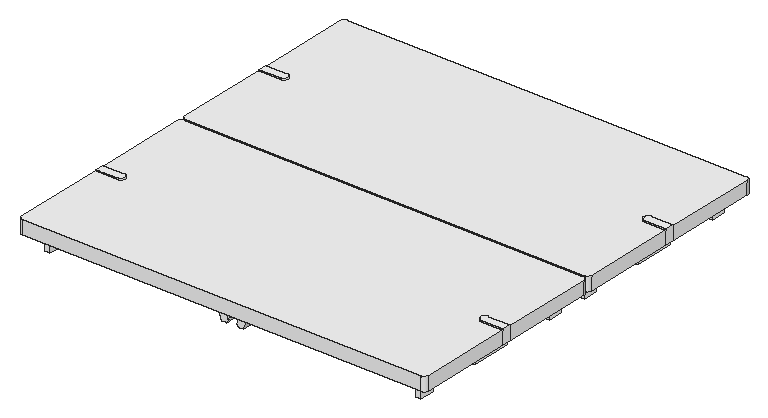
Revit family "Gira_5022126", category Electrical Fixtures, host Face, Revit 2017
Family settings
  Host = Face
  Maintain Annotation Orientation = No
  Round Connector Dimension = Use Diameter
  Part Type = Normal
  Cut with Voids When Loaded = No
  Shared = No
  Room Calculation Point = No
Parameters (values of type "rocker set 2-g PB sens.4 TS4 black alum.")
  URL = "https://www.gira.de/"
  Type Comments = ""
  Transparent = no
  Radio frequent bidirectional = no
  Model = ""
  Material quality = "Aluminium"
  Material = "Metal"
  Manufacturer = "Gira"
  Keynote = ""
  HeinzeBIM = "https://www.heinze.de/bim/rocker-set-2-g-pb-sens-4-ts4-black-alum-/2f99a2c1af6ff56843ac4174688dec83021ec271"
  HAN = "5022126"
  GTIN = "4010337072188"
  Description = ""
  Default Elevation = 1219.2 mm
  Cost = 0
  Colour = "Black"
  BIMSITE_PRODUCT_ID = "2f99a2c1af6ff56843ac4174688dec83021ec271"
  BIM = "https://media.live.bim.site/t/eyJhbGciOiJIUzI1NiIsInR5cCI6IkpXVCJ9.eyJjdCI6MSwidGYiOiJwdWJsaWMvZ2lyYS8wOWY1ZGI1LzQwXzUwMjEwMCBUUzQgV2lwcGVuc2V0IDJmYWNoLnJmYSIsImNpZCI6ImZlZDk4ZTlhLTFiZDgtNGM2OC1hNzNiLTc0YTk0ZTMxNTgyMyIsInJpZCI6IjYzZWFiY2I1YjI4NzQwNGZjOWZjYmExNmFmOWRhYTFmIiwicGlkIjoiMmY5OWEyYzFhZjZmZjU2ODQzYWM0MTc0Njg4ZGVjODMwMjFlYzI3MSIsInNpZCI6IjYzNDcwIiwidXQiOjUsImxjIjoiZW4iLCJpYXQiOjE2MDc0MzkxMDAsImlzcyI6Imh0dHBzOi8vYXBpLmxpdmUuYmltLnNpdGUiLCJzdWIiOiI4ZDNhYTVjYi1lMDY2LTQ1OTgtYmUxNi02ZTE2ZWU3NDk1NmEifQ.08KHaS0hvS0p8qqU8j6gztw1sJTKrmVmE4Bj7hIrJDg/40_502100 TS4 Wippenset 2fach.rfa"
  Assembly Code = ""
Reference planes
  plane 1 "Center (Front/Back)": y = 0
  plane 2: z = 0
  plane 3 "Center (Left/Right)": x = 0
Dimensions and locks
  aligned and locked: plane 2 to host face
  aligned and locked: level to host face
Nested families
  nested 1: "40_502100 TS4 Wippenset 2fach" at (0, 0, 0), type "40_502100 TS4 Wippenset 2fach"
Definition of nested family "40_502100 TS4 Wippenset 2fach"
  Parameters
    White = none
  Reference planes
    plane 1 "Center (Front/Back)": y = 0
    plane 2: z = 0
    plane 3 "Center (Left/Right)": x = 0
  Forms (mm)
    Extrusion 1, solid, material <- "White", detail levels fine
      sketch origin (0, 0, 0) x (1, 0, 0) y (0, 1, 0)
        loop
          arc (-46.5, 47.5) -> (-47.207, 47.207) -> (-47.5, 46.5) r 1
          line (-47.5, 46.5) -> (-47.5, 24.8) -> (-42.5, 24.8)
          arc (-42.5, 24.8) -> (-41.5, 23.8) -> (-42.5, 22.8) r 1
          line (-42.5, 22.8) -> (-47.5, 22.8) -> (-47.5, 1.15)
          arc (-47.5, 1.15) -> (-47.207, 0.443) -> (-46.5, 0.15) r 1
          line (-46.5, 0.15) -> (46.5, 0.15)
          arc (46.5, 0.15) -> (47.207, 0.443) -> (47.5, 1.15) r 1
          line (47.5, 1.15) -> (47.5, 22.8) -> (42.5, 22.8)
          arc (42.5, 22.8) -> (41.5, 23.8) -> (42.5, 24.8) r 1
          line (42.5, 24.8) -> (47.5, 24.8) -> (47.5, 46.5)
          arc (47.5, 46.5) -> (47.207, 47.207) -> (46.5, 47.5) r 1
          line (46.5, 47.5) -> (-46.5, 47.5)
        loop
          arc (46.5, -47.5) -> (47.207, -47.207) -> (47.5, -46.5) r 1
          line (47.5, -46.5) -> (47.5, -24.8) -> (42.5, -24.8)
          arc (42.5, -24.8) -> (41.5, -23.8) -> (42.5, -22.8) r 1
          line (42.5, -22.8) -> (47.5, -22.8) -> (47.5, -1.15)
          arc (47.5, -1.15) -> (47.207, -0.443) -> (46.5, -0.15) r 1
          line (46.5, -0.15) -> (-46.5, -0.15)
          arc (-46.5, -0.15) -> (-47.207, -0.443) -> (-47.5, -1.15) r 1
          line (-47.5, -1.15) -> (-47.5, -22.8) -> (-42.5, -22.8)
          arc (-42.5, -22.8) -> (-41.5, -23.8) -> (-42.5, -24.8) r 1
          line (-42.5, -24.8) -> (-47.5, -24.8) -> (-47.5, -46.5)
          arc (-47.5, -46.5) -> (-47.207, -47.207) -> (-46.5, -47.5) r 1
          line (-46.5, -47.5) -> (46.5, -47.5)
      from 0 to 3.1
    Extrusion 2, solid, material <- "White", detail levels fine
      sketch origin (0, 0, 0) x (1, 0, 0) y (0, 1, 0)
        loop
          line (43.976, 44.188) -> (-43.976, 44.188) -> (-43.976, 0.15) -> (43.976, 0.15) -> (43.976, 44.188)
        loop
          line (43.976, -44.188) -> (43.976, -0.15) -> (-43.976, -0.15) -> (-43.976, -44.188) -> (43.976, -44.188)
      from 0 to -1.5
    Extrusion 3, solid, detail levels fine
      sketch origin (0, 0, 0) x (1, 0, 0) y (0, 0, 1)
        loop
          arc (-1.639, -4) -> (-1.115, -3.694) -> (-1.122, -3.087) r 0.603
          arc (-1.122, -3.087) -> (-0.011, -1.666) -> (1.122, -3.087) r 1.145
          arc (1.122, -3.087) -> (1.115, -3.694) -> (1.639, -4) r 0.603
          line (1.639, -4) -> (2.5, -4) -> (3.5, -1.5) -> (-3.5, -1.5) -> (-2.5, -4) -> (-1.639, -4)
      from 41.985 to 44.199
    Extrusion 4, solid, detail levels fine
      sketch origin (0, 0, 0) x (1, 0, 0) y (0, 0, -1)
        loop
          line (-1.639, 4) -> (-2.5, 4) -> (-3.5, 1.5) -> (3.5, 1.5) -> (2.5, 4) -> (1.639, 4)
          arc (1.639, 4) -> (1.115, 3.694) -> (1.122, 3.087) r 0.603
          arc (1.122, 3.087) -> (-0.011, 1.666) -> (-1.122, 3.087) r 1.145
          arc (-1.122, 3.087) -> (-1.115, 3.694) -> (-1.639, 4) r 0.603
      from 41.985 to 44.199
    Extrusion 5, solid, material <- "White", detail levels medium
      sketch origin (0, 0, 0) x (1, 0, 0) y (0, 1, 0)
        loop
          line (43.976, 44.188) -> (-43.976, 44.188) -> (-43.976, 0.15) -> (43.976, 0.15) -> (43.976, 44.188)
        loop
          line (43.976, -44.188) -> (43.976, -0.15) -> (-43.976, -0.15) -> (-43.976, -44.188) -> (43.976, -44.188)
      from 0 to -4
    Extrusion 6, solid, material <- "White", detail levels medium
      sketch origin (0, 0, 0) x (1, 0, 0) y (0, 1, 0)
        loop
          line (-47.5, 47.5) -> (-47.5, 0.15) -> (47.5, 0.15) -> (47.5, 47.5) -> (-47.5, 47.5)
        loop
          line (47.5, -47.5) -> (47.5, -0.15) -> (-47.5, -0.15) -> (-47.5, -47.5) -> (47.5, -47.5)
      from 0 to 3.3
    Extrusion 7, solid, material <- "White", detail levels fine
      sketch origin (0, 0, 0) x (1, 0, 0) y (0, 1, 0)
        loop
          line (-43.976, 44.188) -> (-43.976, 40.908) -> (-42.655, 40.908) -> (-42.655, 44.188) -> (-43.976, 44.188)
        loop
          line (43.976, 44.188) -> (42.655, 44.188) -> (42.655, 40.908) -> (43.976, 40.908) -> (43.976, 44.188)
        loop
          line (-43.976, -44.188) -> (-42.655, -44.188) -> (-42.655, -40.908) -> (-43.976, -40.908) -> (-43.976, -44.188)
        loop
          line (43.976, -44.188) -> (43.976, -40.908) -> (42.655, -40.908) -> (42.655, -44.188) -> (43.976, -44.188)
      from 0 to -4
    Extrusion 8, solid, detail levels fine
      sketch origin (0, 0, 0) x (1, 0, 0) y (0, 1, 0)
        loop
          line (-47.5, 24.8) -> (-47.5, 22.8) -> (-42.5, 22.8)
          arc (-42.5, 22.8) -> (-41.5, 23.8) -> (-42.5, 24.8) r 1
          line (-42.5, 24.8) -> (-47.5, 24.8)
        loop
          line (47.5, 24.8) -> (42.5, 24.8)
          arc (42.5, 24.8) -> (41.5, 23.8) -> (42.5, 22.8) r 1
          line (42.5, 22.8) -> (47.5, 22.8) -> (47.5, 24.8)
        loop
          line (-47.5, -24.8) -> (-42.5, -24.8)
          arc (-42.5, -24.8) -> (-41.5, -23.8) -> (-42.5, -22.8) r 1
          line (-42.5, -22.8) -> (-47.5, -22.8) -> (-47.5, -24.8)
        loop
          line (47.5, -24.8) -> (47.5, -22.8) -> (42.5, -22.8)
          arc (42.5, -22.8) -> (41.5, -23.8) -> (42.5, -24.8) r 1
          line (42.5, -24.8) -> (47.5, -24.8)
      from 0 to 3.3
    Extrusion 9, solid, detail levels coarse
      sketch origin (0, 0, 0) x (1, 0, 0) y (0, 1, 0)
        loop
          line (-47.5, 47.5) -> (-47.5, -47.5) -> (47.5, -47.5) -> (47.5, 47.5) -> (-47.5, 47.5)
      from -4 to 3.3
    Extrusion 10, solid, material <- "White", detail levels fine
      sketch origin (0, 23.8, 0) x (1, 0, 0) y (0, 1, 0)
        loop
          line (-41.852, 6.181) -> (-43.976, 4.461) -> (-43.976, -4.461) -> (-41.852, -6.181)
          arc (-41.852, -6.181) -> (-38.884, -6.014) -> (-38.763, -3.043) r 2.212
          line (-38.763, -3.043) -> (-38.763, 3.043)
          arc (-38.763, 3.043) -> (-38.884, 6.014) -> (-41.852, 6.181) r 2.212
        loop
          arc (-39.415, 3.847) -> (-39.669, 5.38) -> (-41.223, 5.404) r 1.212
          line (-41.223, 5.404) -> (-42.938, 4.015) -> (-40.57, 1.883) -> (-39.415, 3.847)
        loop
          line (-39.415, -3.847) -> (-40.57, -1.883) -> (-42.938, -4.015) -> (-41.223, -5.404)
          arc (-41.223, -5.404) -> (-39.669, -5.38) -> (-39.415, -3.847) r 1.212
        loop
          arc (41.852, 6.181) -> (38.884, 6.014) -> (38.763, 3.043) r 2.212
          line (38.763, 3.043) -> (38.763, -3.043)
          arc (38.763, -3.043) -> (38.884, -6.014) -> (41.852, -6.181) r 2.212
          line (41.852, -6.181) -> (43.976, -4.461) -> (43.976, 4.461) -> (41.852, 6.181)
        loop
          line (39.415, 3.847) -> (40.57, 1.883) -> (42.938, 4.015) -> (41.223, 5.404)
          arc (41.223, 5.404) -> (39.669, 5.38) -> (39.415, 3.847) r 1.212
        loop
          arc (39.415, -3.847) -> (39.669, -5.38) -> (41.223, -5.404) r 1.212
          line (41.223, -5.404) -> (42.938, -4.015) -> (40.57, -1.883) -> (39.415, -3.847)
      from 0 to -3.6
    Extrusion 11, solid, detail levels fine
      sketch origin (0, -22.503, 0) x (1, 0, 0) y (0, 0, -1)
        loop
          line (-1.639, 4) -> (-2.5, 4) -> (-3.5, 1.5) -> (3.5, 1.5) -> (2.5, 4) -> (1.639, 4)
          arc (1.639, 4) -> (1.115, 3.694) -> (1.122, 3.087) r 0.603
          arc (1.122, 3.087) -> (-0.011, 1.666) -> (-1.122, 3.087) r 1.145
          arc (-1.122, 3.087) -> (-1.115, 3.694) -> (-1.639, 4) r 0.603
      from 28.117 to 25.903
    Extrusion 12, solid, material <- "White", detail levels fine
      sketch origin (0, -25, 0) x (1, 0, 0) y (0, 1, 0)
        loop
          line (-43.976, 21.601) -> (-43.976, 18.309) -> (-42.655, 18.309) -> (-42.655, 21.601) -> (-43.976, 21.601)
        loop
          line (43.976, 21.601) -> (42.655, 21.601) -> (42.655, 18.309) -> (43.976, 18.309) -> (43.976, 21.601)
        loop
          line (-43.976, -19.188) -> (-42.655, -19.188) -> (-42.655, -15.908) -> (-43.976, -15.908) -> (-43.976, -19.188)
        loop
          line (43.976, -19.188) -> (43.976, -15.908) -> (42.655, -15.908) -> (42.655, -19.188) -> (43.976, -19.188)
      from 0 to -4
    Extrusion 13, solid, material <- "White", detail levels fine
      sketch origin (0, -23.8, 0) x (1, 0, 0) y (0, 1, 0)
        loop
          arc (-41.852, -6.181) -> (-38.884, -6.014) -> (-38.763, -3.043) r 2.212
          line (-38.763, -3.043) -> (-38.763, 3.043)
          arc (-38.763, 3.043) -> (-38.884, 6.014) -> (-41.852, 6.181) r 2.212
          line (-41.852, 6.181) -> (-43.976, 4.461) -> (-43.976, -4.461) -> (-41.852, -6.181)
        loop
          line (-39.415, -3.847) -> (-40.57, -1.883) -> (-42.938, -4.015) -> (-41.223, -5.404)
          arc (-41.223, -5.404) -> (-39.669, -5.38) -> (-39.415, -3.847) r 1.212
        loop
          arc (-39.415, 3.847) -> (-39.669, 5.38) -> (-41.223, 5.404) r 1.212
          line (-41.223, 5.404) -> (-42.938, 4.015) -> (-40.57, 1.883) -> (-39.415, 3.847)
        loop
          line (41.852, -6.181) -> (43.976, -4.461) -> (43.976, 4.461) -> (41.852, 6.181)
          arc (41.852, 6.181) -> (38.884, 6.014) -> (38.763, 3.043) r 2.212
          line (38.763, 3.043) -> (38.763, -3.043)
          arc (38.763, -3.043) -> (38.884, -6.014) -> (41.852, -6.181) r 2.212
        loop
          arc (39.415, -3.847) -> (39.669, -5.38) -> (41.223, -5.404) r 1.212
          line (41.223, -5.404) -> (42.938, -4.015) -> (40.57, -1.883) -> (39.415, -3.847)
        loop
          line (39.415, 3.847) -> (40.57, 1.883) -> (42.938, 4.015) -> (41.223, 5.404)
          arc (41.223, 5.404) -> (39.669, 5.38) -> (39.415, 3.847) r 1.212
      from 0 to -3.6
    Extrusion 14, solid, detail levels fine
      sketch origin (0, 22.503, 0) x (1, 0, 0) y (0, 0, 1)
        loop
          arc (-1.639, -4) -> (-1.115, -3.694) -> (-1.122, -3.087) r 0.603
          arc (-1.122, -3.087) -> (-0.011, -1.666) -> (1.122, -3.087) r 1.145
          arc (1.122, -3.087) -> (1.115, -3.694) -> (1.639, -4) r 0.603
          line (1.639, -4) -> (2.5, -4) -> (3.5, -1.5) -> (-3.5, -1.5) -> (-2.5, -4) -> (-1.639, -4)
      from 28.117 to 25.903
    Extrusion 15, solid, material <- "White", detail levels fine
      sketch origin (0, 25, 0) x (1, 0, 0) y (0, 1, 0)
        loop
          line (-43.976, -21.601) -> (-42.655, -21.601) -> (-42.655, -18.309) -> (-43.976, -18.309) -> (-43.976, -21.601)
        loop
          line (43.976, -21.601) -> (43.976, -18.309) -> (42.655, -18.309) -> (42.655, -21.601) -> (43.976, -21.601)
        loop
          line (-43.976, 19.188) -> (-43.976, 15.908) -> (-42.655, 15.908) -> (-42.655, 19.188) -> (-43.976, 19.188)
        loop
          line (43.976, 19.188) -> (42.655, 19.188) -> (42.655, 15.908) -> (43.976, 15.908) -> (43.976, 19.188)
      from 0 to -4
  Cuts and joins
    joined: Extrusion 2, Extrusion 7, Extrusion 10
  Dimensions and locks
    aligned and locked: level to plane 2
